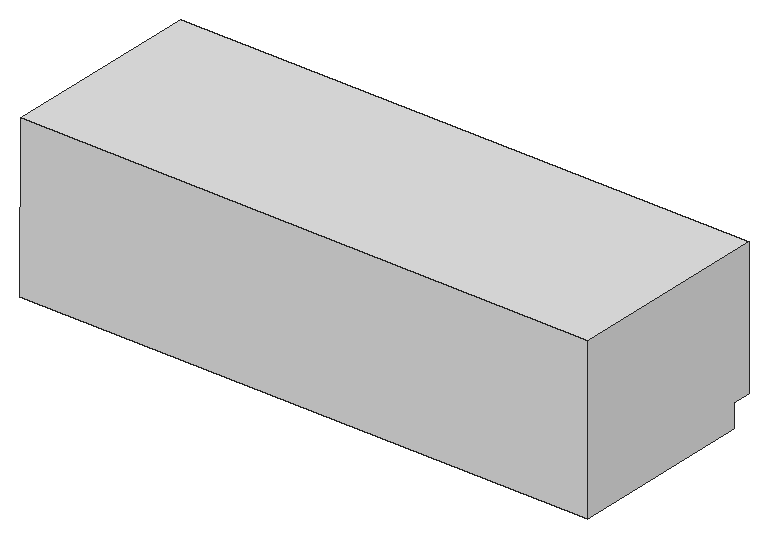
Revit family "OD_CW_Countertop", category Casework, Revit 2015
Parameters
  OD_CW_Width [instance] = 2' - 10"
  OD_CW_Length [instance] = 8' - 0"
  OD_CW_Height [instance] = 2' - 3"
  Depth = 2' - 0"
  Height = 3' - 0"
  Width = 4' - 0"
Reference planes (in)
  plane 1 "Center (Left/Right)": x = 0.7377
  plane 2 "Left": x = -23.2623
  plane 3 "Right": x = 24.7377
  plane 4 "Front": y = -24
  plane 5 "Top": z = 27
  plane 6: x = 96.7377
  plane 7: y = 10
Forms (in)
  Extrusion 1, solid
    sketch origin (24.7377, 0, 0) x (0, -1, 0) y (0, 0, 1)
      loop
        line (24, 27) -> (-10, 27) -> (-10, 4) -> (-7, 4) -> (-7, 0) -> (24, 0) -> (24, 27)
    from -72 to 24
Lines and regions (in)
  symbolic lines, style "InvisibleLines"
    curve 1: line (0.7377, 10, 0) -> (0.7377, -28, 0)
  symbolic lines, style "Casework"
    curve 2: line (0.7377, 10, 0) -> (96.7377, 10, 0)
    curve 3: line (0.7377, -24, 0) -> (0.7377, 10, 0)
    curve 4: line (96.7377, -24, 0) -> (0.7377, -24, 0)
    curve 5: line (96.7377, 10, 0) -> (96.7377, -24, 0)
Dimensions and locks (in)
  equal spacing: plane 2 "Left", plane 1 "Center (Left/Right)", plane 3 "Right"
  "OD_CW_Width": plane 4 "Front" to plane 7
  "OD_CW_Length": plane 1 "Center (Left/Right)" to plane 6
  locked: Extrusion 1 sketch curve to plane 7 at 3
  "OD_CW_Height": plane 5 "Top" to level
  locked: curve 1 to Extrusion 1 at 4
  aligned and locked: plane 5 "Top" to Extrusion 1 sketch curve
  aligned and locked: Extrusion 1 sketch curve to plane 4 "Front"
  aligned and locked: Extrusion 1 sketch curve to plane 7
  aligned and locked: level to Extrusion 1 sketch curve
  aligned and locked: Extrusion 1 to plane 1 "Center (Left/Right)"
  aligned and locked: plane 6 to Extrusion 1
  aligned and locked: curve 2 to plane 7
  aligned and locked: curve 5 to plane 6
  aligned and locked: curve 4 to plane 4 "Front"
  aligned and locked: plane 1 "Center (Left/Right)" to curve 3
Automatic sketch dimensions
  level to Extrusion 1 sketch curve = 0' - 4"
